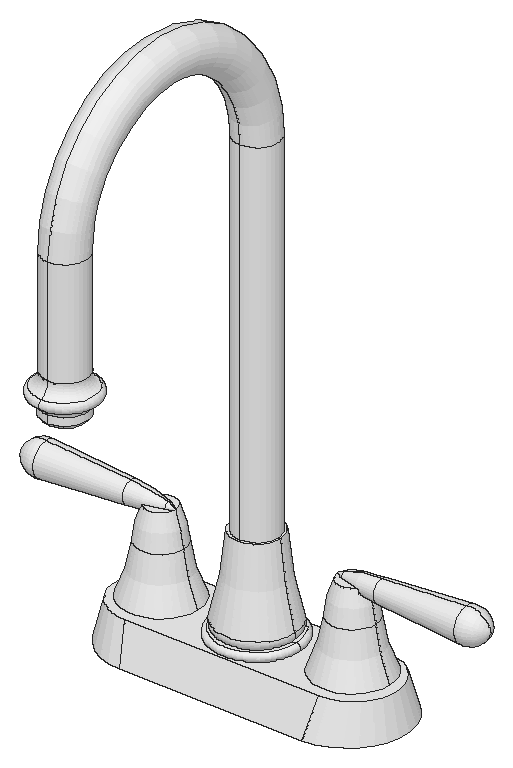
Revit family "Faucet-Two_Handle-American_Standard-Colony_Soft-2475500_Series", category Plumbing Fixtures, Revit 2018
Family settings
  Round Connector Dimension = Use Diameter
  Part Type = Normal
  OmniClass Number = 23.45.55.17
  OmniClass Title = Mixing Faucets
  Work Plane-Based = No
  Always vertical = No
  Cut with Voids When Loaded = No
  Shared = Yes
  Room Calculation Point = No
Parameters (values of type "2475500.002")
  Width = 5"
  Waste Connection = no
  WFU = 2
  Vent Connection = no
  URL = "http://www.americanstandard.ca/"
  Type Comments = ""
  Revised Date = "08/14/2022"  # constant formula
  Product Page URL = "https://www.americanstandard-us.com/Centerset-Kitchen-Faucets/Colony-Soft-2-Handle-Bar-Faucet-22-gpm-83-L-min/CHROME-2475500002"
  Product Documentation Link = "https://americanstandard.box.com/shared/static/xmqzhincba7l56x31l9owb856nkm3qz4.pdf"
  Model = "2475500.002"
  Material = "Brass-American Standard-002-Polished Chrome"
  Manufacturer = "American Standard"
  Length = 9 3/4"
  Installation Type = "Deck Mounted"
  Hot Water Connection Diameter = 1/2"
  Height = 13 1/16"
  HWFU = 1.5
  HW Connection = yes
  Flow Rate = "2.2 Gpm (8.3Lpm)"
  Finish = Brass-American Standard-002-Polished Chrome
  Description = "American Standard Colony Soft Two-Handle Centerset Bar Sink Faucet with Brass Gooseneck Spout. "
  Default Elevation = 0"
  Creation Date = "12/22/2014"  # constant formula
  Cold Water Connection Diameter = 1/2"
  CWFU = 1.5
  CW Connection = yes
  Assembly Code = "D2020300"
  ADA Compliant = yes
Types (3): name | Product Page URL | Model | Material | Finish
  (no name) | "https://www.americanstandard-us.com/Centerset-Kitchen-Faucets/Colony-Soft-2-Handle-Bar-Faucet-22-gpm-83-L-min/CHROME-2475500002" | "2475500.002" | "Brass-American Standard-002-Polished Chrome" | Brass-American Standard-002-Polished Chrome
  2475500.075 | "https://www.americanstandard-us.com/Centerset-Kitchen-Faucets/Colony-Soft-2-Handle-Bar-Faucet-22-gpm-83-L-min/STAINLESS-STL-2475500075" | "2475500.075" | "Brass-American Standard-075-Stainless Steel" | Brass-American Standard-075-Stainless Steel
  2475500.002 | "https://www.americanstandard-us.com/Centerset-Kitchen-Faucets/Colony-Soft-2-Handle-Bar-Faucet-22-gpm-83-L-min/CHROME-2475500002" | "2475500.002" | "Brass-American Standard-002-Polished Chrome" | Brass-American Standard-002-Polished Chrome
Reference planes (in)
  plane 1 "Center (Front/Back)": y = 0
  plane 2: z = 0
  plane 3 "Center (Left/Right)": x = 0
  plane 4: x = 5.15625
  plane 5: z = 7.125
  plane 6: z = 5.125
  plane 7: z = 5.55801
  plane 8: z = 13.0625
  plane 9: y = -5
  plane 10: z = 7.125
  plane 11: x = -2
  plane 12: x = -4.875
  plane 13: x = 4.875
Forms (in)
  Blend 1, solid, material "Brass-American Standard-002-Polished Chrome" <- "Finish"
    base sketch origin (-4.81902, -0.62367, 0) x (0, -1, 0) y (1, 0, 0)
      loop
        arc (-1.8249, 2.9265) -> (-0.62367, 1.72527) -> (0.57756, 2.9265) r 1.20123
        line (0.57756, 2.9265) -> (0.57756, 6.71153)
        arc (0.57756, 6.71153) -> (-0.62367, 7.91277) -> (-1.8249, 6.71153) r 1.20123
        line (-1.8249, 6.71153) -> (-1.8249, 2.9265)
    top sketch origin (-4.81902, -0.62367, 0) x (0, -1, 0) y (1, 0, 0)
      loop
        arc (-1.51518, 2.79712) -> (-0.61013, 1.89207) -> (0.29492, 2.79712) r 0.90505
        line (0.29492, 2.79712) -> (0.29492, 6.84091)
        arc (0.29492, 6.84091) -> (-0.61013, 7.74596) -> (-1.51518, 6.84091) r 0.90505
        line (-1.51518, 6.84091) -> (-1.51518, 2.79712)
    from 0 to 0.75
  Revolve 2, solid, material "Brass-American Standard-002-Polished Chrome" <- "Finish"
    sketch origin (0, 0, 0) x (1, 0, 0) y (0, 0, 1)
      loop
        line (0, 2.75) -> (0, 0.75) -> (0.82401, 0.75)
        arc (0.82401, 0.75) -> (0.90484, 0.83083) -> (0.82401, 0.91167) r 0.08083
        line (0.82401, 0.91167) -> (0.7288, 0.91167)
        arc (0.7288, 0.91167) -> (0.78971, 0.98942) -> (0.79303, 1.08814) r 0.15918
        arc (0.79303, 1.08814) -> (0.60188, 1.9112) -> (0.5, 2.75) r 7.8759
        line (0.5, 2.75) -> (0, 2.75)
      axis (0, 2.75) -> (0, 0.75)
    angle from 0 to 360
  Sweep 3, solid, material "Brass-American Standard-002-Polished Chrome" <- "Finish"
    path origin (0, 0, 0) x (0, -1, 0) y (0, 0, 1)
      loop
        line (0, 2.75) -> (0, 10.125)
        arc (0, 10.125) -> (2.5, 12.625) -> (5, 10.125) r 2.5
        line (5, 10.125) -> (5, 7.75078)
    profile origin (0, 0, 6.4375) x (0, 1, 0) y (-1, 0, 0)
      loop
        circle (0, 0) r 0.4375
  Revolve 4, solid, material "Brass-American Standard-002-Polished Chrome" <- "Finish"
    sketch origin (0, 3.85055, -0.69161) x (0, -1, 0) y (0, 0, 1)
      loop
        line (8.85055, 8.5988) -> (8.40379, 8.5988)
        arc (8.40379, 8.5988) -> (8.37503, 8.43444) -> (8.24708, 8.32736) r 0.24304
        arc (8.24708, 8.32736) -> (8.17767, 8.22851) -> (8.24708, 8.12967) r 0.10509
        arc (8.24708, 8.12967) -> (8.33697, 8.07257) -> (8.39407, 7.98267) r 0.24455
        line (8.39407, 7.98267) -> (8.39407, 7.81661) -> (8.46887, 7.74181) -> (8.53422, 7.74181) -> (8.53422, 8.32933) -> (8.85055, 8.32933) -> (8.85055, 8.5988)
      axis (8.85055, 8.5988) -> (8.85055, 7.74181)
    angle from 0 to 360
  Revolve 5, solid, material "Brass-American Standard-002-Polished Chrome" <- "Finish"
    sketch origin (3.84917, 0, -1.22856) x (1, 0, 0) y (0, 0, 1)
      loop
        arc (-8.23403, 4.09852) -> (-8.54607, 4.0202) -> (-8.72417, 3.75228) r 0.44587
        line (-8.72417, 3.75228) -> (-5.53943, 3.75228)
        arc (-5.53943, 3.75228) -> (-5.60992, 3.80303) -> (-5.68856, 3.83991) r 0.4688
        arc (-5.68856, 3.83991) -> (-6.07191, 3.9427) -> (-6.46703, 3.98011) r 2.37162
        arc (-6.46703, 3.98011) -> (-7.3522, 4.01445) -> (-8.23403, 4.09852) r 15.74375
      axis (-8.72417, 3.75228) -> (-5.53943, 3.75228)
    angle from 0 to 360
  Revolve 6, solid, material "Brass-American Standard-002-Polished Chrome" <- "Finish"
    sketch origin (3.93661, 0, -1.14192) x (1, 0, 0) y (0, 0, 1)
      loop
        line (-5.37526, 1.89192) -> (-5.37526, 1.95741) -> (-5.16234, 1.95741)
        arc (-5.16234, 1.95741) -> (-5.35512, 2.46046) -> (-5.45821, 2.98923) r 3.11078
        arc (-5.45821, 2.98923) -> (-5.51908, 3.33328) -> (-5.62686, 3.66564) r 2.52491
        line (-5.62686, 3.66564) -> (-5.93661, 3.66564) -> (-5.93661, 1.89192) -> (-5.37526, 1.89192)
      axis (-5.93661, 3.66564) -> (-5.93661, 1.89192)
    angle from 0 to 360
  Revolve 7, solid, material "Brass-American Standard-002-Polished Chrome" <- "Finish"
    sketch origin (-3.84917, 0, -1.22856) x (-1, 0, 0) y (0, 0, -1)
      loop
        arc (-8.23403, -4.09852) -> (-7.3522, -4.01445) -> (-6.46703, -3.98011) r 15.74375
        arc (-6.46703, -3.98011) -> (-6.07191, -3.9427) -> (-5.68856, -3.83991) r 2.37162
        arc (-5.68856, -3.83991) -> (-5.60992, -3.80303) -> (-5.53943, -3.75228) r 0.4688
        line (-5.53943, -3.75228) -> (-8.72417, -3.75228)
        arc (-8.72417, -3.75228) -> (-8.54607, -4.0202) -> (-8.23403, -4.09852) r 0.44587
      axis (-8.72417, -3.75228) -> (-5.53943, -3.75228)
    angle from 0 to 360
  Revolve 8, solid, material "Brass-American Standard-002-Polished Chrome" <- "Finish"
    sketch origin (-3.93661, 0, -1.14192) x (-1, 0, 0) y (0, 0, -1)
      loop
        line (-5.37526, -1.89192) -> (-5.93661, -1.89192) -> (-5.93661, -3.66564) -> (-5.62686, -3.66564)
        arc (-5.62686, -3.66564) -> (-5.51908, -3.33328) -> (-5.45821, -2.98923) r 2.52491
        arc (-5.45821, -2.98923) -> (-5.35512, -2.46046) -> (-5.16234, -1.95741) r 3.11078
        line (-5.16234, -1.95741) -> (-5.37526, -1.95741) -> (-5.37526, -1.89192)
      axis (-5.93661, -3.66564) -> (-5.93661, -1.89192)
    angle from 0 to 360
  Extrusion 9, solid, material "Brass-American Standard-002-Polished Chrome" <- "Finish"
    sketch origin (-4.81902, -0.62367, 0) x (1, 0, 0) y (0, -1, 0)
      loop
        circle (2.81902, -0.62367) r 0.0512
      loop
        circle (6.81902, -0.62367) r 0.0512
    from -0.1861 to 0
Cuts and joins
  joined: Blend 1, Revolve 2, Sweep 3, Revolve 4, Revolve 6
Lines and regions (in)
  Masking region 1
    outline origin (-4.81902, -0.62367, 0) x (0, -1, 0) y (1, 0, 0)
      loop
        arc (0.57756, 6.71153) -> (0.30502, 7.47343) -> (-0.38893, 7.88961) r 1.20123
        arc (-0.38893, 7.88961) -> (-0.35454, 8.54114) -> (-0.28429, 9.18979) r 11.82976
        arc (-0.28429, 9.18979) -> (-0.35922, 9.50613) -> (-0.62713, 9.69025) r 0.45177
        arc (-0.62713, 9.69025) -> (-0.89505, 9.50613) -> (-0.96998, 9.18979) r 0.45177
        arc (-0.96998, 9.18979) -> (-0.89967, 8.54045) -> (-0.8653, 7.88821) r 11.82976
        arc (-0.8653, 7.88821) -> (-1.55459, 7.47071) -> (-1.8249, 6.71153) r 1.20123
        line (-1.8249, 6.71153) -> (-1.8249, 2.9265)
        arc (-1.8249, 2.9265) -> (-1.55459, 2.16732) -> (-0.8653, 1.74982) r 1.20123
        arc (-0.8653, 1.74982) -> (-0.89967, 1.09758) -> (-0.96998, 0.44824) r 11.82976
        arc (-0.96998, 0.44824) -> (-0.89505, 0.1319) -> (-0.62713, -0.05222) r 0.45177
        arc (-0.62713, -0.05222) -> (-0.35922, 0.1319) -> (-0.28429, 0.44824) r 0.45177
        arc (-0.28429, 0.44824) -> (-0.35454, 1.09689) -> (-0.38893, 1.74842) r 11.82976
        arc (-0.38893, 1.74842) -> (0.30502, 2.1646) -> (0.57756, 2.9265) r 1.20123
        line (0.57756, 2.9265) -> (0.57756, 4.38786) -> (3.86406, 4.38786)
        arc (3.86406, 4.38786) -> (5.0522, 4.82631) -> (3.86101, 5.25639) r 0.6741
        line (3.86101, 5.25639) -> (0.57756, 5.25639) -> (0.57756, 6.71153)
  symbolic lines, detail levels medium+fine
    curve 1: line (2.02189, 0.89151, 0) -> (-2.02189, 0.89151, 0)
    curve 2: arc (2.02189, -0.91859, 0) -> (2.57596, -0.72917, 0) -> (2.8981, -0.24019, 0) r 0.90505
    curve 3: line (-2.02189, -0.91859, 0) -> (-0.43115, -0.91859, 0)
    curve 4: arc (-2.2401, 0.19568, 0) -> (-1.89615, 0.29182, 0) -> (-1.69025, 0, 0) r 0.30975
    curve 5: arc (2.2401, -0.19568, 0) -> (1.69025, 0, 0) -> (2.2401, 0.19568, 0) r 0.30975
    curve 6: arc (2.73772, -0.23505, 0) -> (1.22573, 0, 0) -> (2.73772, 0.23505, 0) r 0.77427
    curve 7: line (0.43737, -0.91859, 0) -> (2.02189, -0.91859, 0)
    curve 8: arc (-0.43115, -0.70221, 0) -> (-0.00366, 0.824, 0) -> (0.43737, -0.69835, 0) r 0.82401
    curve 9: line (0.43737, -1.20123, 0) -> (0.43737, -0.01058, 0)
    curve 10: line (-0.43115, -1.20123, 0) -> (-0.43115, -0.07425, 0)
    curve 11: arc (-0.43115, -0.07425, 0) -> (-0.03199, 0.43633, 0) -> (0.43737, -0.01058, 0) r 0.4375
    curve 12: arc (2.2401, 0.19568, 0) -> (2.65397, 0.23091, 0) -> (3.0692, 0.24163, 0) r 7.03076
    curve 13: arc (2.2401, -0.19568, 0) -> (2.65397, -0.23091, 0) -> (3.0692, -0.24163, 0) r 7.03076
    curve 14: arc (2.89069, 0.24003, 0) -> (2.56486, 0.71055, 0) -> (2.02189, 0.89151, 0) r 0.90505
    curve 15: arc (-2.02189, -0.91859, 0) -> (-2.57596, -0.72917, 0) -> (-2.8981, -0.24019, 0) r 0.90505
    curve 16: arc (-2.2401, -0.19568, 0) -> (-1.69025, 0, 0) -> (-2.2401, 0.19568, 0) r 0.30975
    curve 17: arc (-2.73772, -0.23505, 0) -> (-1.22573, 0, 0) -> (-2.73772, 0.23505, 0) r 0.77427
    curve 18: arc (-2.2401, 0.19568, 0) -> (-2.65397, 0.23091, 0) -> (-3.0692, 0.24163, 0) r 7.03076
    curve 19: arc (-2.2401, -0.19568, 0) -> (-2.65397, -0.23091, 0) -> (-3.0692, -0.24163, 0) r 7.03076
    curve 20: arc (-2.89069, 0.24003, 0) -> (-2.56486, 0.71055, 0) -> (-2.02189, 0.89151, 0) r 0.90505
Dimensions and locks (in)
  plane 5 to level = 7 1/8"  (x2)
  plane 6 to level = 5 1/8"
  "Width": plane 1 "Center (Front/Back)" to plane 9
  plane 8 to level = 13 1/16"
  "Height": plane 8 to level
  plane 12 to plane 11 = 2 7/8"
  "Length": plane 13 to plane 12
  aligned and locked: cut or joined group of Blend 1, Revolve 2, Sweep 3, Revolve 4, Revolve 6 to Extrusion 9
Automatic sketch dimensions
  plane 1 "Center (Front/Back)" to Blend 1 sketch curve = 0"
  Blend 1 sketch curve to plane 1 "Center (Front/Back)" = 1.20123"
  Blend 1 sketch curve to plane 11 = 0.10748"
  plane 11 to Blend 1 sketch curve = 0.02189"
  Blend 1 sketch curve to plane 1 "Center (Front/Back)" = 0.89151"
  plane 1 "Center (Front/Back)" to Blend 1 sketch curve = 0.01354"
  Revolve 2 sketch curve to plane 3 "Center (Left/Right)" = 0"  (x2)
  plane 3 "Center (Left/Right)" to Revolve 2 sketch curve = 1/2"
  plane 3 "Center (Left/Right)" to Revolve 2 sketch curve = 0.64013"
  Revolve 2 sketch curve to Revolve 2 sketch curve = 0.08867"
  Revolve 2 sketch curve to Revolve 2 sketch curve = 0.09521"
  Revolve 2 sketch curve to plane 6 = 1.84616"
  Revolve 2 sketch curve to plane 6 = 2 3/8"
  level to Revolve 2 sketch curve = 1.04387"
  Revolve 2 sketch curve to Revolve 2 sketch curve = 0.1322"
  Revolve 2 sketch curve to Revolve 2 sketch curve = 0.08083"
  Revolve 2 sketch curve to Revolve 2 sketch curve = 1/4"
  Revolve 2 sketch curve to Revolve 2 sketch curve = 3/4"
  Sweep 3 sketch curve to plane 1 "Center (Front/Back)" = 0"
  Sweep 3 sketch curve to plane 9 = 0"
  Sweep 3 sketch curve to plane 8 = 2 15/16"
  plane 5 to Sweep 3 sketch curve = 0.62578"
  Sweep 3 sketch curve to plane 6 = 2 3/8"
  profile plane to Sweep 3 sketch curve = 0"
  Sweep 3 sketch curve to profile plane = 0"
  Revolve 4 sketch curve to plane 5 = 0"
  Revolve 4 sketch curve to plane 9 = 0"  (x2)
  Revolve 4 sketch curve to plane 9 = 0.31633"
  Revolve 4 sketch curve to Revolve 4 sketch curve = 0.06535"
  Revolve 4 sketch curve to Revolve 4 sketch curve = 0.13043"
  Revolve 4 sketch curve to Revolve 4 sketch curve = 0.0748"
  Revolve 4 sketch curve to Revolve 4 sketch curve = 0.11131"
  Revolve 4 sketch curve to Revolve 4 sketch curve = 0.23923"
  plane 5 to Revolve 4 sketch curve = 0.08303"
  Revolve 4 sketch curve to Revolve 4 sketch curve = 0.23002"
  Revolve 4 sketch curve to plane 5 = 0.0748"
  plane 5 to Revolve 4 sketch curve = 0.16606"
  Revolve 4 sketch curve to Revolve 4 sketch curve = 0.24584"
  Revolve 4 sketch curve to Revolve 4 sketch curve = 0.10082"
  Revolve 4 sketch curve to Revolve 4 sketch curve = 0.32745"
  Revolve 4 sketch curve to Revolve 4 sketch curve = 0.04284"
  Revolve 4 sketch curve to Revolve 4 sketch curve = 0"
  Revolve 4 sketch curve to Revolve 4 sketch curve = 0.047"
  Revolve 4 sketch curve to Revolve 4 sketch curve = 0.12168"
  plane 11 to Revolve 5 sketch curve = 2 7/8"
  Revolve 5 sketch curve to Revolve 5 sketch curve = 0.43535"
  plane 11 to Revolve 5 sketch curve = 0.64309"
  plane 11 to Revolve 5 sketch curve = 0.45036"
  Revolve 5 sketch curve to plane 11 = 0.00174"
  Revolve 5 sketch curve to plane 11 = 0.30975"
  level to Revolve 5 sketch curve = 0.38007"
  Revolve 5 sketch curve to Revolve 5 sketch curve = 1.79023"
  level to Revolve 5 sketch curve = 2.42747"
  Revolve 5 sketch curve to Revolve 5 sketch curve = 0.09624"  (x2)
  plane 8 to Revolve 5 sketch curve = 5.43191"
  Revolve 5 sketch curve to Revolve 5 sketch curve = 0.15858"
  Revolve 5 sketch curve to Revolve 5 sketch curve = 0"  (x2)
  Revolve 5 sketch curve to Revolve 5 sketch curve = 0.19481"
  plane 11 to Revolve 6 sketch curve = 0"  (x2)
  plane 11 to Revolve 6 sketch curve = 2.03238"
  Revolve 6 sketch curve to Revolve 6 sketch curve = 0.30975"
  Revolve 6 sketch curve to plane 11 = 0.56134"
  Revolve 6 sketch curve to Revolve 6 sketch curve = 0.21292"
  level to Revolve 6 sketch curve = 3/4"
  Revolve 6 sketch curve to Revolve 6 sketch curve = 0.06548"
  level to Revolve 6 sketch curve = 1.58052"
  level to Revolve 6 sketch curve = 2.17598"
  Revolve 6 sketch curve to Revolve 6 sketch curve = 0.67641"
  Revolve 6 sketch curve to Revolve 6 sketch curve = 0.21044"
  Revolve 6 sketch curve to Revolve 6 sketch curve = 0.33607"
  Revolve 7 sketch curve to Revolve 7 sketch curve = 0.43535"
  plane 8 to Revolve 7 sketch curve = 5.43191"
  level to Revolve 7 sketch curve = 2.52371"
  Revolve 7 sketch curve to Revolve 7 sketch curve = 0.09624"  (x2)
  Revolve 7 sketch curve to Revolve 7 sketch curve = 0.35342"
  level to Revolve 7 sketch curve = 0.38007"
  Revolve 7 sketch curve to Revolve 7 sketch curve = 0.15858"
  Revolve 7 sketch curve to Revolve 7 sketch curve = 0"  (x2)
  Revolve 7 sketch curve to Revolve 7 sketch curve = 0.19481"
  Revolve 8 sketch curve to Revolve 8 sketch curve = 0.30975"
  Revolve 8 sketch curve to Revolve 8 sketch curve = 0.56134"
  Revolve 8 sketch curve to Revolve 8 sketch curve = 0.21292"
  Revolve 8 sketch curve to plane 11 = 0.42824"
  level to Revolve 8 sketch curve = 2.52371"
  level to Revolve 8 sketch curve = 2.17598"
  level to Revolve 8 sketch curve = 1.58052"
  level to Revolve 8 sketch curve = 0.81548"
  Revolve 8 sketch curve to Revolve 8 sketch curve = 0.06548"
  Revolve 8 sketch curve to Revolve 8 sketch curve = 0.12563"
  Revolve 8 sketch curve to Revolve 8 sketch curve = 0.33607"
  Blend 1 to Extrusion 9 sketch curve = 1.20123"  (x2)
  Extrusion 9 sketch curve to Extrusion 9 sketch curve = 4"
  plane 3 "Center (Left/Right)" to Blend 1 sketch curve = 1.89252"
  plane 3 "Center (Left/Right)" to Blend 1 sketch curve = 2.02189"
  Revolve 2 sketch curve to Revolve 2 sketch curve = 7.85812"
  plane 3 "Center (Left/Right)" to Revolve 6 sketch curve = 1.57176"
  plane 3 "Center (Left/Right)" to Revolve 7 sketch curve = 4 7/8"
  plane 3 "Center (Left/Right)" to Revolve 7 sketch curve = 2.64309"
  plane 3 "Center (Left/Right)" to Revolve 7 sketch curve = 2.45036"
  Revolve 7 sketch curve to Revolve 7 sketch curve = 0.6196"
  Revolve 7 sketch curve to Revolve 7 sketch curve = 0.14913"
  plane 3 "Center (Left/Right)" to Revolve 8 sketch curve = 1.22573"
  Revolve 8 sketch curve to Revolve 8 sketch curve = 2.03238"
  Revolve 8 sketch curve to Revolve 8 sketch curve = 0.4784"
  Masking region 1 sketch curve to Masking region 1 sketch curve = 0"  (x10)
  Masking region 1 sketch curve to Blend 1 = 10.86645"
  Blend 1 to Masking region 1 sketch curve = 1.09298"  (x2)
  Masking region 1 sketch curve to Masking region 1 sketch curve = 0.20957"  (x2)
  Masking region 1 sketch curve to Blend 1 = 3.2865"
  Masking region 1 sketch curve to Masking region 1 sketch curve = 0.51405"
  Masking region 1 sketch curve to Masking region 1 sketch curve = 7.05898"
  Masking region 1 sketch curve to Masking region 1 sketch curve = 0.88061"  (x2)
  Masking region 1 sketch curve to Masking region 1 sketch curve = 2.53927"  (x2)
  Masking region 1 sketch curve to Masking region 1 sketch curve = 1.46136"
  Masking region 1 sketch curve to Masking region 1 sketch curve = 0.43608"
  Masking region 1 sketch curve to Masking region 1 sketch curve = 5.54626"  (x2)
  Masking region 1 sketch curve to Masking region 1 sketch curve = 0.23806"  (x2)
  Masking region 1 sketch curve to Masking region 1 sketch curve = 0.10478"  (x2)
  Masking region 1 sketch curve to Masking region 1 sketch curve = 0.47637"  (x2)
  Masking region 1 sketch curve to Masking region 1 sketch curve = 0.5171"
  Masking region 1 sketch curve to Blend 1 = 0"
  curve 2 to curve 14 = 0"  (x3)
  curve 4 to curve 16 = 0"  (x2)
  curve 4 to curve 17 = 0"  (x3)
  curve 5 to curve 6 = 0"  (x3)
  curve 8 to curve 11 = 0"  (x3)
  curve 15 to curve 20 = 0"  (x3)
  curve 16 to curve 17 = 0"  (x2)
  curve 10 to Blend 1 = 0"
  curve 9 to Blend 1 = 0"
  Blend 1 to curve 7 = 0.28264"
  Blend 1 to curve 3 = 0.28264"
  curve 10 to curve 3 = 0.84434"
  curve 15 to curve 3 = 0.90505"
  curve 14 to curve 2 = 0.90505"
  curve 9 to curve 11 = 0.06367"
  curve 6 to curve 14 = 0.01354"
  curve 4 to curve 20 = 0.01354"
  curve 11 to curve 11 = 0.07425"
  Blend 1 to curve 1 = 0.30972"
  curve 13 to Blend 1 = 5.58785"
  curve 19 to Blend 1 = 5.58785"
  curve 12 to Blend 1 = 5.58785"
  curve 18 to Blend 1 = 5.58785"
  curve 18 to curve 19 = 0"
  curve 18 to curve 20 = 1.02113"
  curve 20 to curve 17 = 0.02189"
  curve 17 to curve 10 = 1.56885"
  curve 11 to curve 11 = 0.43115"
  curve 9 to curve 5 = 1.56263"
  curve 5 to curve 2 = 0.02189"
  curve 14 to curve 13 = 1.02113"
  curve 7 to curve 12 = 1.02113"
  curve 8 to curve 3 = 0.21638"
  Blend 1 to curve 13 = 0.9596"
  Blend 1 to curve 19 = 0.9596"
  curve 15 to curve 19 = 0.00144"
  curve 2 to curve 13 = 0.00144"
  curve 6 to curve 2 = 0.00514"
  curve 17 to curve 15 = 0.00514"
  curve 15 to curve 19 = 0.18215"
  curve 2 to curve 13 = 0.18215"
  curve 12 to curve 14 = 0.20922"
  curve 16 to curve 20 = 0.20922"
  curve 12 to curve 14 = 0.0016"
  curve 18 to curve 20 = 0.0016"
  radius of Sweep 3 sketch curve = 7/16"
  radius of Extrusion 9 sketch curve = 0.0512"  (x2)
  radius of Masking region 1 sketch curve to Blend 1 = 0"  (x2)
Connectors (in)
  piping at (-2, 0, 0), diameter 0.5, driven by "Cold Water Connection Diameter", driven by "CWFU"
    settings: on Extrusion 9, index 1, connector inside diameter 24", connector length 0", flow factor 0, pipe flow 0 GPM, pressure drop 0.00 psi, fitting loss kfactor 0, connector angle 0.00°, fixture units 1.5, engagement length 0", angle of deflection 0.00°, flow configuration 3, flow direction 1, fitting loss method 0, system type 19, joint type 0, gender type 0, connector reference index -1, connector utility 0, adjustable connector no, is connector primary yes, connector description "1/2\" NPSM HW Inlet Connection"
  piping at (2, 0, 0), diameter 0.5, driven by "Hot Water Connection Diameter", driven by "CWFU"
    settings: on Extrusion 9, index 2, connector inside diameter 24", connector length 0", flow factor 0, pipe flow 0 GPM, pressure drop 0.00 psi, fitting loss kfactor 0, connector angle 0.00°, fixture units 1.5, engagement length 0", angle of deflection 0.00°, flow configuration 3, flow direction 1, fitting loss method 0, system type 20, joint type 0, gender type 0, connector reference index -1, connector utility 0, adjustable connector no, is connector primary no, connector description "1/2\" NPSM CW Inlet Connection"
